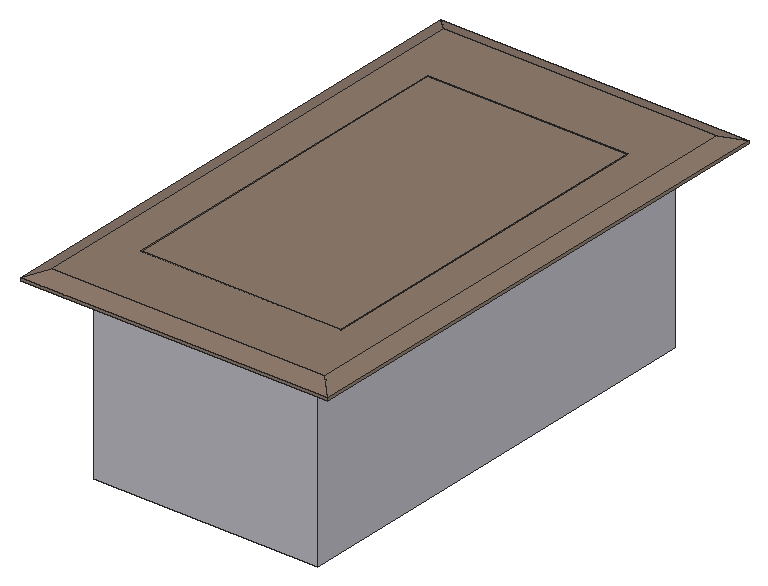
Revit family "Electrical_Equipment-Floor_Box-Hubbell_Wiring-2_Gang_AFB_Deep-AFB2G50CHI", category Electrical Fixtures, host Face, Revit 2015
Parameters (values of type "AFB2G50CHI")
  URL = "http://www.hubbell-wiring.com/"
  Product data url = "https://bimobject.com/hubbellwiring/product/hubbell-afb2g50"
  Product Page URL = "http://ecatalog.hubbell-wiring.com/productinformation/viewcatalog.aspx?Dest=hubbell-wiring.com/press/catalog/O.pdf"
  Product Documentation Link = "http://www.hubbell-wiring.com/DrawingLibrary.aspx/"
  Model = "AFB2G50CHI"  # constant formula
  Manufacturer = "Hubbell-Wiring"  # constant formula
  Device Plate 2 [instance] = Device Plate : FBMP139 - Simplex / 20A - 1.39" circular opening
  Device Plate 1 [instance] = Device Plate : FBMP139 - Simplex / 20A - 1.39" circular opening
  Description = "2 Gang AFB Floor Box Without Knockout"  # constant formula
  Default Elevation = 0.00"
  Cover Type [instance] = 2AFBFF : 2GAFBFFCVRBRZ - Bronze
  Box Material = Metal - Hubbell - Steel
  Assembly Code = "D5020115"
Reference planes (in)
  plane 1 "Center (Front/Back)": y = 0
  plane 2: z = 0
  plane 3 "Center (Left/Right)": x = 0
  plane 4: y = -6.33661
  plane 5: y = 6.33661
  plane 6: x = -3.31
  plane 7: x = 3.31
  plane 8: z = -0.125
  plane 9: z = -5.06
  plane 10: y = -7.03937
  plane 11: y = 7.03937
  plane 12: x = -2.34646
  plane 13: x = 2.34646
  plane 14: z = -0.02657
  plane 15: z = 0.06299
  plane 16: y = 6.27362
  plane 17: z = 0.06299
  plane 18: y = -6.27362
  plane 19: y = 6.27362
  plane 20: x = -3.04134
  plane 21: x = 3.04134
  plane 22: y = 5.27953
  plane 23: y = -5.27953
  plane 24: z = -0.07373
  plane 25: y = 6.00591
  plane 26: y = -6.00591
  plane 27: z = -4.56
  plane 28: x = -3.185
  plane 29: x = 3.185
  plane 30: y = 6.27362
  plane 31: y = -6.27362
Forms (in)
  Extrusion 1, void, detail levels fine
    sketch origin (0, 0, 0) x (1, 0, 0) y (0, 1, 0)
      loop
        line (-3.31, 6.33661) -> (-3.31, -6.33661) -> (3.31, -6.33661) -> (3.31, 6.33661) -> (-3.31, 6.33661)
    from 0 to -5.06
  Extrusion 2, solid, material "Metal - Hubbell - Steel" <- "Box Material"
    sketch origin (0, 0, 0) x (1, 0, 0) y (0, 1, 0)
      loop
        line (-3.185, 6.33661) -> (-3.185, -6.33661) -> (3.185, -6.33661) -> (3.185, 6.33661) -> (-3.185, 6.33661)
    from -0.125 to -5.06
  Extrusion 3, solid, material "Metal - Hubbell - Steel" <- "Box Material"
    sketch origin (0, 0, 0) x (1, 0, 0) y (0, 1, 0)
      loop
        line (-3.31, 6.27362) -> (-3.31, -6.27362) -> (3.31, -6.27362) -> (3.31, 6.27362) -> (-3.31, 6.27362)
    from -0.125 to -0.02657
  Extrusion 4, solid, material "Metal - Hubbell - Steel" <- "Box Material"
    sketch origin (0, 0, 0) x (0, 1, 0) y (0, 0, 1)
      loop
        line (7.03937, 0.06299) -> (6.27362, 0.06299) -> (6.27362, -0.125) -> (6.33661, -0.125) -> (6.33661, 0) -> (7.03937, 0) -> (7.03937, 0.06299)
    from -2.34646 to 2.34646
  Extrusion 5, solid, material "Metal - Hubbell - Steel" <- "Box Material"
    sketch origin (0, 0, 0) x (0, -1, 0) y (0, 0, -1)
      loop
        line (7.03937, -0.06299) -> (7.03937, 0) -> (6.33661, 0) -> (6.33661, 0.125) -> (6.27362, 0.125) -> (6.27362, -0.06299) -> (7.03937, -0.06299)
    from -2.34646 to 2.34646
  Extrusion 6, void
    sketch origin (0, 0, 0) x (1, 0, 0) y (0, 1, 0)
      loop
        line (-3.04134, 5.27953) -> (-3.04134, -5.27953) -> (3.04134, -5.27953) -> (3.04134, 5.27953) -> (-3.04134, 5.27953)
    from 0 to -0.07373
  Extrusion 7, void
    sketch origin (0, 0, 0) x (1, 0, 0) y (0, 1, 0)
      loop
        circle (0, 0) r 0.98425
    from 0 to -0.125
  Extrusion 8, void
    sketch origin (-20.33156, -180, -0.125) x (0, -1, 0) y (-1, 0, 0)
      loop
        line (-186.00591, -17.29023) -> (-186.00591, -23.3729) -> (-173.99409, -23.3729) -> (-173.99409, -17.29023) -> (-186.00591, -17.29023)
    from -0.125 to 4.435
Cuts and joins
  Extrusion 6, Extrusion 7 cuts Extrusion 3
  Extrusion 8 cuts Extrusion 2
Lines and regions (in)
  reference lines
    curve 1: arc (0.98425, 0, 0) -> (0, 0.98425, 0) -> (-0.98425, 0, 0) r 0.98425
    curve 2: arc (-0.98425, 0, 0) -> (0, -0.98425, 0) -> (0.98425, 0, 0) r 0.98425
  symbolic lines
    curve 3: line (-3.185, 0, -5.06) -> (-3.185, 0, -0.125)
    curve 4: line (3.185, 0, -5.06) -> (-3.185, 0, -5.06)
    curve 5: line (3.185, 0, -0.125) -> (3.185, 0, -5.06)
    curve 6: line (-3.31, 0, 0) -> (3.31, 0, 0)
    curve 7: line (-3.31, 0, -0.125) -> (-3.31, 0, 0)
    curve 8: line (3.31, 0, -0.125) -> (3.185, 0, -0.125)
    curve 9: line (3.31, 0, 0) -> (3.31, 0, -0.125)
    curve 10: line (0, 6.33661, 0) -> (0, -6.33661, 0)
    curve 11: line (0, 6.33661, -5.06) -> (0, 6.33661, 0)
    curve 12: line (0, -6.33661, -5.06) -> (0, 6.33661, -5.06)
    curve 13: line (0, -6.33661, 0) -> (0, -6.33661, -5.06)
    curve 14: line (-3.185, 0, -0.125) -> (-3.31, 0, -0.125)
Dimensions and locks (in)
  equal spacing: plane 4, plane 1 "Center (Front/Back)", plane 5
  locked: plane 4 to plane 5 at 12.67323
  equal spacing: plane 6, plane 3 "Center (Left/Right)", plane 7
  locked: plane 6 to plane 7 at 6.62
  plane 2 to plane 8 = 0.125"
  locked: plane 2 to plane 9 at 5.06
  equal spacing: plane 10, plane 1 "Center (Front/Back)", plane 11
  locked: plane 10 to plane 11 at 14.07874
  equal spacing: plane 12, plane 3 "Center (Left/Right)", plane 13
  locked: plane 12 to plane 13 at 4.69291
  locked: plane 14 to plane 8 at 0.09843
  equal spacing: plane 20, plane 3 "Center (Left/Right)", plane 21
  locked: plane 20 to plane 21 at 6.08268
  equal spacing: plane 23, plane 1 "Center (Front/Back)", plane 22
  locked: plane 23 to plane 22 at 10.55906
  locked: plane 2 to plane 24 at 0.07373
  equal spacing: plane 26, plane 1 "Center (Front/Back)", plane 25
  locked: plane 26 to plane 25 at 12.01181
  locked: plane 27 to plane 9 at 0.5
  locked: plane 6 to plane 28 at 0.125
  locked: plane 7 to plane 29 at 0.125
  aligned and locked: plane 2 to host face
  aligned and locked: level to host face
  aligned: level to Extrusion 1
  aligned and locked: host face to Extrusion 1
  aligned and locked: Extrusion 1 to plane 5
  aligned and locked: Extrusion 1 to plane 4
  aligned and locked: plane 6 to Extrusion 1
  aligned and locked: plane 7 to Extrusion 1
  aligned and locked: plane 8 to Extrusion 2
  aligned and locked: Extrusion 2 to plane 9
  aligned and locked: Extrusion 3 to Extrusion 2
  aligned and locked: plane 14 to Extrusion 3
  aligned and locked: plane 5 to Extrusion 4 sketch curve
  aligned and locked: plane 2 to Extrusion 4 sketch curve
  aligned and locked: Extrusion 4 to plane 11
  aligned and locked: plane 15 to Extrusion 4 sketch curve
  aligned and locked: plane 12 to Extrusion 4
  aligned and locked: plane 13 to Extrusion 4
  aligned and locked: Extrusion 5 sketch curve to plane 17
  aligned and locked: Extrusion 5 sketch curve to plane 2
  aligned and locked: Extrusion 5 sketch curve to plane 4
  aligned and locked: Extrusion 5 sketch curve to plane 10
  aligned and locked: Extrusion 5 sketch curve to plane 18
  aligned and locked: Extrusion 1 to Extrusion 2
  aligned and locked: Extrusion 5 sketch curve to plane 8
  aligned and locked: Extrusion 4 to Extrusion 2
  aligned and locked: plane 6 to Extrusion 3
  aligned and locked: plane 7 to Extrusion 3
  aligned and locked: plane 5 to Extrusion 2 sketch curve
  aligned and locked: plane 4 to Extrusion 2 sketch curve
  aligned and locked: Extrusion 3 sketch curve to plane 19
  aligned and locked: plane 12 to Extrusion 5
  aligned and locked: plane 13 to Extrusion 5
  aligned and locked: plane 22 to Extrusion 6 sketch curve
  aligned and locked: plane 23 to Extrusion 6 sketch curve
  aligned and locked: cut or joined group of Extrusion 3, Extrusion 6, Extrusion 7 to plane 24
  aligned and locked: Extrusion 7 to plane 8
  aligned and locked: plane 25 to Extrusion 8 sketch curve
  aligned and locked: Extrusion 8 sketch curve to plane 20
  aligned and locked: plane 26 to Extrusion 8 sketch curve
  aligned and locked: Extrusion 8 sketch curve to plane 21
  aligned and locked: cut or joined group of Extrusion 2, Extrusion 8 to plane 27
  aligned and locked: curve 1 to cut or joined group of Extrusion 3, Extrusion 6, Extrusion 7
  aligned and locked: curve 2 to cut or joined group of Extrusion 3, Extrusion 6, Extrusion 7
  aligned and locked: level to Extrusion 7
  aligned and locked: Extrusion 5 to plane 10
  aligned and locked: Extrusion 2 sketch curve to plane 28
  aligned and locked: Extrusion 2 sketch curve to plane 29
  aligned and locked: curve 6 to plane 2
  aligned and locked: curve 7 to plane 6
  aligned and locked: Extrusion 6 sketch curve to plane 20
  aligned and locked: Extrusion 6 sketch curve to plane 21
  aligned and locked: plane 3 "Center (Left/Right)" to nested 1
  aligned and locked: plane 1 "Center (Front/Back)" to nested 1
  aligned and locked: plane 30 to Extrusion 4
  aligned and locked: plane 31 to Extrusion 3 sketch curve
  aligned and locked: plane 2 to Extrusion 8
  aligned and locked: plane 2 to Extrusion 6
Automatic sketch dimensions
  host sketch curve to host sketch curve = 96.00"  (x2)
  Extrusion 1 sketch curve to plane 4 = 0.00"
  Extrusion 1 sketch curve to plane 6 = 0.00"
  Extrusion 1 sketch curve to plane 7 = 0.00"
  plane 5 to Extrusion 1 sketch curve = 0.00"
  Extrusion 4 sketch curve to plane 16 = 0.00"
  Extrusion 4 sketch curve to plane 11 = 0.00"
  Extrusion 4 sketch curve to plane 8 = 0.00"
  plane 1 "Center (Front/Back)" to Extrusion 7 sketch curve = 0.00"
  Extrusion 7 sketch curve to plane 3 "Center (Left/Right)" = 0.00"
  curve 1 to curve 2 = 0.00"  (x2)
  plane 1 "Center (Front/Back)" to curve 2 = 0.00"
  curve 2 to plane 3 "Center (Left/Right)" = 0.00"
  curve 1 to curve 1 = 0.98425"
  curve 14 to plane 8 = 0.00"
  curve 10 to plane 4 = 0.00"
  curve 12 to plane 9 = 0.00"
  plane 28 to curve 3 = 0.00"
  curve 4 to plane 9 = 0.00"
  curve 4 to plane 29 = 0.00"
  curve 9 to plane 7 = 0.00"
  curve 5 to plane 8 = 0.00"
  Extrusion 3 sketch curve to plane 7 = 0.00"
  plane 6 to Extrusion 3 sketch curve = 0.00"
  curve 12 to plane 5 = 0.00"
  curve 11 to level = 0.00"
  radius of Extrusion 7 sketch curve = 0.98425"
Nested families (in)
  nested 1: "2AFBFF" at (0, 0, 0.06299), type <- "Cover Type", type "2GAFBFFCVRBRZ - Bronze"
Definition of nested family "2AFBFF"
  Parameters
    URL = "http://www.hubbell-wiring.com/"
    Product Page URL = ""
    Product Documentation Link = ""
    Model = "2GAFBFFCVRALU"
    Manufacturer = "Hubbell-Wiring"  # constant formula
    Description = "2 Gang Furniture Feed AFB"  # constant formula
    Default Elevation = 0.00"
    Cover Material = none
    Assembly Code = "D5020115"
  Reference planes (in)
    plane 1 "Center (Front/Back)": y = 0
    plane 2: z = 0
    plane 3 "Center (Left/Right)": x = 0
    plane 4: x = -2.84
    plane 5: x = 2.84
    plane 6: y = 5.08
    plane 7: y = -5.08
    plane 8: z = 0.24
    plane 9: x = 4.37
    plane 10: x = -4.37
    plane 11: y = 7.46
    plane 12: y = -7.46
    plane 13: x = -2.715
    plane 14: x = 2.715
    plane 15: y = 4.955
    plane 16: y = -4.955
    plane 17: z = -0.25
    plane 18: x = -3.87
    plane 19: x = 3.87
    plane 20: y = 6.96
    plane 21: y = -6.96
  Forms (in)
    Extrusion 1, solid
      sketch origin (0, 0, 0) x (1, 0, 0) y (0, 1, 0)
        loop
          line (-48, 48) -> (-48, -48) -> (48, -48) -> (48, 48) -> (-48, 48)
      from 0 to -12
    Extrusion 2, solid, material <- "Cover Material"
      sketch origin (0, 0, 0) x (1, 0, 0) y (0, 1, 0)
        loop
          line (-2.84, 5.08) -> (-2.84, -5.08) -> (2.84, -5.08) -> (2.84, 5.08) -> (-2.84, 5.08)
      from 0 to 0.24
    Extrusion 3, solid, material <- "Cover Material"
      sketch origin (0, 0, 0) x (1, 0, 0) y (0, 1, 0)
        loop
          line (-2.84, 5.08) -> (-2.84, -5.08) -> (2.84, -5.08) -> (2.84, 5.08) -> (-2.84, 5.08)
        loop
          line (-3.87, 6.96) -> (-3.87, -6.96) -> (3.87, -6.96) -> (3.87, 6.96) -> (-3.87, 6.96)
      from 0 to 0.24
    Extrusion 4, solid, material <- "Cover Material"
      sketch origin (0, 0, 0) x (1, 0, 0) y (0, 1, 0)
        loop
          line (-2.84, 5.08) -> (-2.84, -5.08) -> (2.84, -5.08) -> (2.84, 5.08) -> (-2.84, 5.08)
        loop
          line (-2.715, 4.955) -> (-2.715, -4.955) -> (2.715, -4.955) -> (2.715, 4.955) -> (-2.715, 4.955)
      from 0 to -0.25
    Sweep 5, solid, material <- "Cover Material"
      path origin (0, 0, 0) x (1, 0, 0) y (0, 1, 0)
        loop
          line (-4.37, 7.46) -> (-4.37, -7.46) -> (4.37, -7.46) -> (4.37, 7.46) -> (-4.37, 7.46)
      profile origin (-4.37, 0, 0) x (-1, 0, 0) y (0, 0, 1)
        loop
          line (0, 0) -> (0, 0.07409) -> (-0.5, 0.24) -> (-0.5, 0) -> (0, 0)
  Cuts and joins
    joined: Extrusion 3, Sweep 5
  Lines and regions (in)
    reference lines
      curve 1: circle (0, 1.33324, 0) r 1 normal (0, 0, 1)
      curve 2: line (-0.99875, 1.38324, 0) -> (0.99875, 1.38324, 0)
      curve 3: line (-0.99875, 1.28324, 0) -> (0.99875, 1.28324, 0)
      curve 4: circle (0, -2.40315, 0) r 0.5 normal (0, 0, 1)
      curve 5: circle (0, -2.40315, 0) r 0.375 normal (0, 0, 1)
      curve 11: line (0.18688, -2.07803, 0) -> (-0.25159, -2.68123, 0)
      curve 12: line (0.25159, -2.12507, 0) -> (-0.18688, -2.72827, 0)
      curve 44: line (-3.47385, 0, 0.37145) -> (-4.78257, 0, -0.06281)
      curve 46: line (4.53037, 0, 0.02087) -> (3.55522, 0, 0.34445)
      curve 48: line (0, 7.61385, 0.02304) -> (0, 6.68504, 0.33124)
      curve 49: line (0, -6.68682, 0.33065) -> (0, -7.61458, 0.02279)
    model lines, detail levels medium+fine
      curve 6: circle (0, 1.33324, 0.24) r 1 normal (0, 0, 1)
      curve 7: line (-0.99875, 1.38324, 0.24) -> (0.99875, 1.38324, 0.24)
      curve 8: line (-0.99875, 1.28324, 0.24) -> (0.99875, 1.28324, 0.24)
      curve 9: circle (0, -2.40315, 0.24) r 0.5 normal (0, 0, 1)
      curve 10: circle (0, -2.40315, 0.24) r 0.375 normal (0, 0, 1)
      curve 13: line (0.18688, -2.07803, 0.24) -> (-0.25159, -2.68123, 0.24)
      curve 14: line (0.25159, -2.12507, 0.24) -> (-0.18688, -2.72827, 0.24)
    symbolic lines
      curve 15: line (-4.37, 7.46, 0) -> (4.37, 7.46, 0)
      curve 16: line (-4.37, -7.46, 0) -> (-4.37, 7.46, 0)
      curve 17: line (4.37, -7.46, 0) -> (-4.37, -7.46, 0)
      curve 18: line (4.37, 7.46, 0) -> (4.37, -7.46, 0)
      curve 30: line (-3.87, 0, 0.24) -> (3.87, 0, 0.24)
      curve 31: line (-4.37, 0, 0) -> (-4.37, 0, 0.07409)
      curve 32: line (4.37, 0, 0) -> (-4.37, 0, 0)
      curve 33: line (4.37, 0, 0.07409) -> (4.37, 0, 0)
      curve 34: line (2.84, 0, -0.25) -> (-2.84, 0, -0.25)
      curve 35: line (2.84, 0, 0) -> (2.84, 0, -0.25)
      curve 36: line (-2.84, 0, -0.25) -> (-2.84, 0, 0)
      curve 37: line (0, 6.96, 0.24) -> (0, -6.96, 0.24)
      curve 38: line (0, 7.46, 0) -> (0, 7.46, 0.07409)
      curve 39: line (0, -7.46, 0) -> (0, 7.46, 0)
      curve 40: line (0, -7.46, 0.07409) -> (0, -7.46, 0)
      curve 41: line (0, 5.08, -0.25) -> (0, 5.08, 0)
      curve 42: line (0, -5.08, -0.25) -> (0, 5.08, -0.25)
      curve 43: line (0, -5.08, 0) -> (0, -5.08, -0.25)
      curve 45: line (-3.87, 0, 0.24) -> (-4.37, 0, 0.07409)
      curve 47: line (4.37, 0, 0.07409) -> (3.87, 0, 0.24)
      curve 50: line (0, -6.96, 0.24) -> (0, -7.46, 0.07409)
      curve 51: line (0, 7.46, 0.07409) -> (0, 6.96, 0.24)
    symbolic lines, detail levels medium+fine
      curve 19: line (-2.84, 5.08, 0) -> (2.84, 5.08, 0)
      curve 20: line (-2.84, -5.08, 0) -> (-2.84, 5.08, 0)
      curve 21: line (2.84, -5.08, 0) -> (-2.84, -5.08, 0)
      curve 22: line (2.84, 5.08, 0) -> (2.84, -5.08, 0)
      curve 23: circle (0, 1.33324, 0) r 1 normal (0, 0, 1)
      curve 24: line (-0.99875, 1.28324, 0) -> (0.99875, 1.28324, 0)
      curve 25: line (-0.99875, 1.38324, 0) -> (0.99875, 1.38324, 0)
      curve 26: circle (0, -2.40315, 0) r 0.5 normal (0, 0, 1)
      curve 27: circle (0, -2.40315, 0) r 0.375 normal (0, 0, 1)
      curve 28: line (0.25159, -2.12507, 0) -> (-0.18688, -2.72827, 0)
      curve 29: line (0.18688, -2.07803, 0) -> (-0.25159, -2.68123, 0)
  Dimensions and locks (in)
    equal spacing: plane 4, plane 3 "Center (Left/Right)", plane 5
    locked: plane 4 to plane 5 at 5.68
    equal spacing: plane 7, plane 1 "Center (Front/Back)", plane 6
    locked: plane 7 to plane 6 at 10.16
    locked: plane 8 to plane 2 at 0.24
    equal spacing: plane 10, plane 3 "Center (Left/Right)", plane 9
    locked: plane 10 to plane 9 at 8.74
    equal spacing: plane 12, plane 1 "Center (Front/Back)", plane 11
    locked: plane 11 to plane 12 at 14.92
    locked: plane 4 to plane 13 at 0.125
    locked: plane 14 to plane 5 at 0.125
    locked: plane 15 to plane 6 at 0.125
    locked: plane 16 to plane 7 at 0.125
    locked: plane 2 to plane 17 at 0.25
    locked: plane 10 to plane 18 at 0.5
    locked: plane 19 to plane 9 at 0.5
    locked: plane 20 to plane 11 at 0.5
    locked: plane 21 to plane 12 at 0.5
    aligned and locked: plane 2 to Extrusion 1
    aligned and locked: level to Extrusion 1
    aligned and locked: plane 6 to Extrusion 2 sketch curve
    aligned and locked: Extrusion 2 sketch curve to plane 4
    aligned and locked: plane 7 to Extrusion 2 sketch curve
    aligned and locked: Extrusion 2 sketch curve to plane 5
    aligned and locked: plane 8 to Extrusion 2
    aligned and locked: Extrusion 3 sketch curve to Extrusion 2  (x4)
    aligned and locked: plane 8 to Extrusion 3
    aligned and locked: Extrusion 3 to plane 2
    aligned and locked: Extrusion 2 to plane 2
    aligned and locked: Extrusion 4 sketch curve to Extrusion 2  (x4)
    aligned and locked: plane 15 to Extrusion 4 sketch curve
    aligned and locked: Extrusion 4 sketch curve to plane 13
    aligned and locked: plane 16 to Extrusion 4 sketch curve
    aligned and locked: Extrusion 4 sketch curve to plane 14
    aligned and locked: Extrusion 4 to plane 17
    aligned and locked: plane 2 to Extrusion 4
    aligned and locked: curve 6 to curve 1
    aligned and locked: curve 2 to curve 7
    aligned and locked: curve 3 to curve 8
    aligned and locked: curve 9 to curve 4
    aligned and locked: curve 10 to curve 5
    aligned and locked: curve 13 to curve 11
    aligned and locked: curve 14 to curve 12
    aligned and locked: plane 11 to curve 15
    aligned and locked: curve 16 to plane 10
    aligned and locked: plane 12 to curve 17
    aligned and locked: curve 18 to plane 9
    aligned and locked: curve 19 to Extrusion 2
    aligned and locked: curve 20 to Extrusion 2
    aligned and locked: curve 21 to Extrusion 2
    aligned and locked: curve 22 to Extrusion 2
    aligned and locked: curve 23 to curve 6
    aligned and locked: curve 24 to curve 8
    aligned and locked: curve 25 to curve 7
    aligned and locked: curve 26 to curve 9
    aligned and locked: curve 27 to curve 10
    aligned and locked: curve 28 to curve 14
    aligned and locked: curve 29 to curve 13
    aligned and locked: curve 35 to Extrusion 4
    aligned and locked: curve 41 to Extrusion 4
    aligned and locked: curve 42 to Extrusion 4
    aligned and locked: Extrusion 4 to curve 43
    aligned and locked: plane 20 to Extrusion 3 sketch curve
    aligned and locked: Extrusion 3 sketch curve to plane 19
    aligned and locked: plane 21 to Extrusion 3 sketch curve
    aligned and locked: Extrusion 3 sketch curve to plane 18
    aligned and locked: plane 2 to Sweep 5 sketch curve
    aligned and locked: Sweep 5 sketch curve to plane 10
    aligned and locked: plane 18 to Sweep 5 sketch curve
    aligned and locked: Sweep 5 sketch curve to curve 44
    aligned and locked: curve 30 to plane 8
    aligned and locked: curve 36 to plane 4
    aligned and locked: plane 17 to curve 34
    aligned and locked: curve 31 to plane 10
    aligned and locked: curve 33 to plane 9
    aligned and locked: curve 44 to curve 45
    aligned and locked: curve 46 to curve 47
    aligned and locked: curve 49 to curve 50
    aligned and locked: curve 48 to curve 51
    aligned and locked: plane 11 to curve 38
    aligned and locked: curve 37 to plane 8
    aligned and locked: plane 2 to curve 39
    aligned and locked: plane 12 to curve 40
  Automatic sketch dimensions
    Extrusion 1 sketch curve to Extrusion 1 sketch curve = 96.00"  (x2)
    curve 4 to curve 5 = 0.00"  (x2)
    curve 4 to plane 3 "Center (Left/Right)" = 0.00"
    curve 1 to plane 3 "Center (Left/Right)" = 0.00"
    curve 3 to plane 3 "Center (Left/Right)" = 0.99875"
    curve 2 to curve 3 = 0.00"
    curve 11 to curve 12 = 0.06471"  (x2)
    curve 3 to plane 1 "Center (Front/Back)" = 1.28324"
    curve 3 to curve 1 = 0.05"
    curve 11 to plane 3 "Center (Left/Right)" = 0.25159"
    plane 3 "Center (Left/Right)" to curve 11 = 0.18688"
    plane 1 "Center (Front/Back)" to curve 11 = 2.07803"
    curve 12 to curve 11 = 0.04704"
    Sweep 5 sketch curve to plane 9 = 0.00"
    plane 11 to Sweep 5 sketch curve = 0.00"
    Sweep 5 sketch curve to plane 10 = 0.00"
    Sweep 5 sketch curve to plane 12 = 0.00"
    curve 44 to level = 0.06281"
    plane 10 to curve 44 = 0.41257"
    plane 8 to curve 44 = 0.13145"
    curve 44 to plane 18 = 0.39615"
    plane 8 to curve 46 = 0.10445"
    curve 46 to plane 19 = 0.31478"
    level to curve 46 = 0.02087"
    plane 9 to curve 46 = 0.16037"
    curve 32 to level = 0.00"
    level to curve 49 = 0.02279"
    curve 49 to plane 12 = 0.15458"
    plane 8 to curve 49 = 0.09065"
    plane 21 to curve 49 = 0.27318"
    plane 8 to curve 48 = 0.09124"
    plane 20 to curve 48 = 0.27496"
    level to curve 48 = 0.02304"
    curve 48 to plane 11 = 0.15385"
    radius of curve 4 = 0.50"
